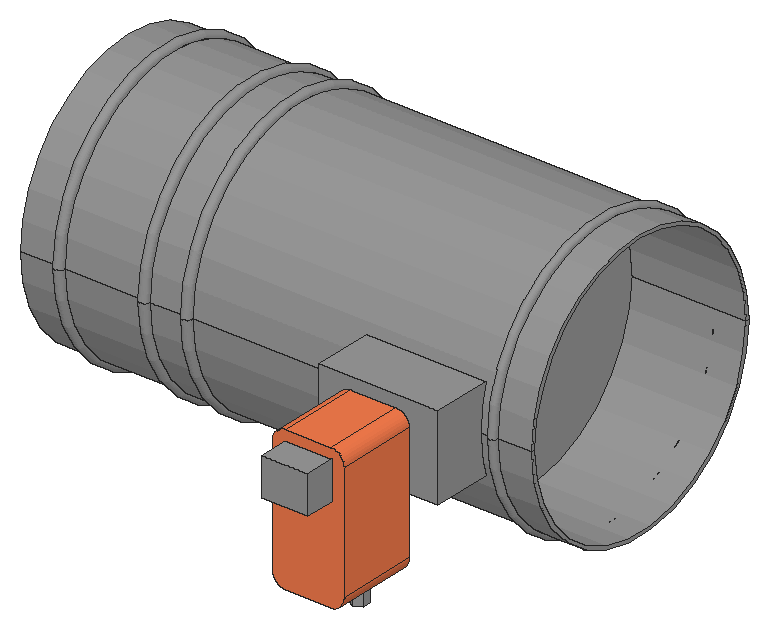
Revit family "ПЛ-10", category Оборудование, Revit 2021
Family settings
  Размер круглого соединителя = Использовать диаметр
  Классификация = Нет
  Тип детали = Нормальный
  На основе рабочей плоскости = Нет
  Всегда вертикально = Да
  При загрузке вырезать с полостями = Нет
  Общий = Нет
  Точка принадлежности помещению = Нет
Parameters (values of type "ПЛ-10-ПВП230Т-ДН160/ЕІ60")
  Отметка по умолчанию = 0 mm
  Вес = "3.5 кг"
  Voltage = 230 V
  Pressure_Static_Air [instance] = 0.0 L/s
  Power = 6.5 VA
  Number of Fase = 1
  Maximum Air Flow = 0.0 L/s
  Maintenance zone material = none
  Load Classification = "HVAC"
  L = 300 mm
  Grid Material = Cover Grid Cross
  R = D / 2  # 79.5 mm
  D2 = D - 4 mm  # 155 mm
  D1 = D + 1 mm  # 160 mm
  D = 159 mm
  B = 255 mm
  Air Flow [instance] = 0.0 L/s
  09_System_Name [instance] = ""
  00_20_Type = "ПЛ-10-ПВП230Т-ДН160/ЕІ60"
  00_20_Name = "Клапан протипожежний вогнезатримувальний"
  00_20_Manufacturer = "Вентс"  # constant formula
Types (23, lengths in mm): name | Вес | Maximum Air Flow | L | R | D2 | D1 | D | B | 00_20_Type
  (no name) | "3.5 кг" | 0.0 L/s | 300 | 79.5 | 155 | 160 | 159 | 255 | "ПЛ-10-ПВП230Т-ДН160/ЕІ60"
  ПЛ-10-ПВП230Т-ДН100/ЕІ60 | "2.9 кг" | 9000.0 L/s | 300 | 49.5 | 95 | 100 | 99 | 195 | "ПЛ-10-ПВП230Т-ДН100/ЕІ60"
  ПЛ-10-ПВП230Т-ДН400/ЕІ60 | "9.9 кг" | 0.0 L/s | 310 | 199.5 | 395 | 400 | 399 | 505 | "ПЛ-10-ПВП230Т-ДН400/ЕІ60"
  ПЛ-10-ПВП230Т-ДН100/ЕІ120 | "2.9 кг" | 0.0 L/s | 300 | 49.5 | 95 | 100 | 99 | 195 | "ПЛ-10-ПВП230Т-ДН100/ЕІ120"
  ПЛ-10-ПВП230Т-ДН400/ЕІ120 | "9.9 кг" | 0.0 L/s | 310 | 199.5 | 395 | 400 | 399 | 505 | "ПЛ-10-ПВП230Т-ДН400/ЕІ120"
  ПЛ-10-ПВП230Т-ДН125/ЕІ60 | "3.1 кг" | 0.0 L/s | 300 | 62 | 120 | 125 | 124 | 215 | "ПЛ-10-ПВП230Т-ДН125/ЕІ60"
  ПЛ-10-ПВП230Т-ДН125/ЕІ120 | "3.1 кг" | 0.0 L/s | 300 | 62 | 120 | 125 | 124 | 215 | "ПЛ-10-ПВП230Т-ДН125/ЕІ120"
  ПЛ-10-ПВП230Т-ДН150/ЕІ60 | "3.4 кг" | 0.0 L/s | 300 | 74.5 | 145 | 150 | 149 | 245 | "ПЛ-10-ПВП230Т-ДН150/ЕІ60"
  ПЛ-10-ПВП230Т-ДН150/ЕІ120 | "3.4 кг" | 0.0 L/s | 300 | 74.5 | 145 | 150 | 149 | 245 | "ПЛ-10-ПВП230Т-ДН150/ЕІ120"
  ПЛ-10-ПВП230Т-ДН160/ЕІ120 | "3.5 кг" | 0.0 L/s | 300 | 79.5 | 155 | 160 | 159 | 255 | "ПЛ-10-ПВП230Т-ДН160/ЕІ120"
  ПЛ-10-ПВП230Т-ДН180/ЕІ120 | "3.8 кг" | 0.0 L/s | 300 | 89.5 | 175 | 180 | 179 | 275 | "ПЛ-10-ПВП230Т-ДН180/ЕІ120"
  ПЛ-10-ПВП230Т-ДН160/ЕІ60 | "3.5 кг" | 0.0 L/s | 300 | 79.5 | 155 | 160 | 159 | 255 | "ПЛ-10-ПВП230Т-ДН160/ЕІ60"
  ПЛ-10-ПВП230Т-ДН180/ЕІ60 | "3.8 кг" | 0.0 L/s | 300 | 89.5 | 175 | 180 | 179 | 275 | "ПЛ-10-ПВП230Т-ДН180/ЕІ60"
  ПЛ-10-ПВП230Т-ДН200/ЕІ120 | "4 кг" | 0.0 L/s | 300 | 99.5 | 195 | 200 | 199 | 295 | "ПЛ-10-ПВП230Т-ДН200/ЕІ120"
  ПЛ-10-ПВП230Т-ДН200/ЕІ60 | "4 кг" | 0.0 L/s | 300 | 99.5 | 195 | 200 | 199 | 295 | "ПЛ-10-ПВП230Т-ДН200/ЕІ60"
  ПЛ-10-ПВП230Т-ДН225/ЕІ120 | "4.4 кг" | 0.0 L/s | 300 | 112 | 220 | 225 | 224 | 325 | "ПЛ-10-ПВП230Т-ДН225/ЕІ120"
  ПЛ-10-ПВП230Т-ДН225/ЕІ60 | "4.4 кг" | 0.0 L/s | 300 | 112 | 220 | 225 | 224 | 325 | "ПЛ-10-ПВП230Т-ДН225/ЕІ60"
  ПЛ-10-ПВП230Т-ДН250/ЕІ120 | "4.7 кг" | 0.0 L/s | 310 | 124.5 | 245 | 250 | 249 | 345 | "ПЛ-10-ПВП230Т-ДН250/ЕІ120"
  ПЛ-10-ПВП230Т-ДН250/ЕІ60 | "4.7 кг" | 0.0 L/s | 310 | 124.5 | 245 | 250 | 249 | 345 | "ПЛ-10-ПВП230Т-ДН250/ЕІ60"
  ПЛ-10-ПВП230Т-ДН315/ЕІ120 | "6.5 кг" | 0.0 L/s | 310 | 157 | 310 | 315 | 314 | 415 | "ПЛ-10-ПВП230Т-ДН315/ЕІ120"
  ПЛ-10-ПВП230Т-ДН315/ЕІ60 | "6.5 кг" | 0.0 L/s | 310 | 157 | 310 | 315 | 314 | 415 | "ПЛ-10-ПВП230Т-ДН315/ЕІ60"
  ПЛ-10-ПВП230Т-ДН355/ЕІ120 | "8.3 кг" | 0.0 L/s | 310 | 177 | 350 | 355 | 354 | 455 | "ПЛ-10-ПВП230Т-ДН355/ЕІ120"
  ПЛ-10-ПВП230Т-ДН355/ЕІ60 | "8.3 кг" | 0.0 L/s | 310 | 177 | 350 | 355 | 354 | 455 | "ПЛ-10-ПВП230Т-ДН355/ЕІ60"
Reference planes
  plane 1 "По центру (Вперед/Назад)": y = 0
  plane 2: z = 0
  plane 3 "По центру (Влево/Вправо)": x = 0
  plane 4: y = 79.5
Forms (mm)
  Revolve 1, solid, material "Сталь, гальванизированная"
    sketch origin (0, 0, 0) x (1, 0, 0) y (0, 1, 0)
      loop
        line (-150, 79.5) -> (-150, 77.5) -> (150, 77.5) -> (150, 79.5) -> (130, 79.5)
        arc (130, 79.5) -> (127.5, 82) -> (125, 79.5) r 2.5
        line (125, 79.5) -> (-49, 79.5)
        arc (-49, 79.5) -> (-52, 82.5) -> (-55, 79.5) r 3
        line (-55, 79.5) -> (-74, 79.5)
        arc (-74, 79.5) -> (-77, 82.5) -> (-80, 79.5) r 3
        line (-80, 79.5) -> (-124, 79.5)
        arc (-124, 79.5) -> (-127, 82.5) -> (-130, 79.5) r 3
        line (-130, 79.5) -> (-150, 79.5)
      axis (-150, 0) -> (150, 0)
    angle from 0 to 360
  Extrusion 2, solid, material "Сталь, гальванизированная"
    sketch origin (0, 0, 0) x (0, 1, 0) y (0, 0, 1)
      loop
        circle (0, 0) r 77.5
    from 81 to 83
  Extrusion 3, solid, material "Сталь, гальванизированная"
    sketch origin (0, 0, 0) x (0, 1, 0) y (0, 0, 1)
      loop
        line (-110.5, -24.813) -> (-75.528, -24.813)
        arc (-75.528, -24.813) -> (-79.5, 0) -> (-75.528, 24.813) r 79.5
        line (-75.528, 24.813) -> (-110.5, 24.813) -> (-110.5, -24.813)
    from 120 to 50
Dimensions and locks
  "R": plane 1 "По центру (Вперед/Назад)" to Revolve 1 sketch curve
  locked: Revolve 1 sketch curve to Revolve 1 sketch curve at 20  (x2)
  "L": Revolve 1 sketch curve to Revolve 1 sketch curve
  equal spacing: Revolve 1 sketch curve, plane 3 "По центру (Влево/Вправо)", Revolve 1 sketch curve
  locked: Extrusion 3 to Revolve 1 at 30
  nested 1 to plane 1 "По центру (Вперед/Назад)" = 110.5 mm
  locked: Extrusion 3 sketch curve to Extrusion 3 sketch curve at 49.627
  equal spacing: Extrusion 3 sketch curve, level, Extrusion 3 sketch curve
  "R": plane 1 "По центру (Вперед/Назад)" to plane 4
  locked: nested 1 to Revolve 1 at 68
  "B": nested 1 to plane 4
  nested 1 to Extrusion 3 sketch curve = 65 mm
  locked: Revolve 1 sketch curve to Revolve 1 sketch curve at 70
  locked: Revolve 1 sketch curve to Revolve 1 sketch curve at 95
  "D2": diameter of Extrusion 2 sketch curve
  "R": radius of Extrusion 3 sketch curve
  aligned and locked: level to plane 2
Automatic sketch dimensions
  plane 1 "По центру (Вперед/Назад)" to Revolve 1 sketch curve = 0 mm
  Revolve 1 sketch curve to Revolve 1 sketch curve = 3 mm  (x3)
  Revolve 1 sketch curve to Revolve 1 sketch curve = 5 mm
  Revolve 1 sketch curve to plane 4 = 2 mm
  Revolve 1 sketch curve to Revolve 1 sketch curve = 55 mm
  plane 3 "По центру (Влево/Вправо)" to Revolve 1 sketch curve = 60 mm
  Extrusion 2 sketch curve to level = 0 mm
  Extrusion 2 sketch curve to plane 1 "По центру (Вперед/Назад)" = 0 mm
  Extrusion 3 sketch curve to level = 0 mm
  Extrusion 3 sketch curve to plane 1 "По центру (Вперед/Назад)" = 0 mm
Nested families
  nested 1: "Семейство2" at (82, -110.5, 0.546), type "Клемная коробка"
Connectors
  hvac at (150, 0, 0), driven by "D1"
    settings: on Revolve 1, index 1, duct flow 0.0 L/s, flow factor 0, pres drop 0.0 Pa, loss coef 0, conn angle 0.00°, conn width 304.8 mm, conn height 304.8 mm, conn diameter 160 mm, duct sys type 3, conn prof type 0, flow config 0, flow direction 2, loss method 0, conn ref index -1, conn util no, is conn primary yes, conn desc ""
  hvac at (-150, 0, 0), driven by "D1"
    settings: on Revolve 1, index 2, duct flow 0.0 L/s, flow factor 0, pres drop 0.0 Pa, loss coef 0, conn angle 0.00°, conn width 304.8 mm, conn height 304.8 mm, conn diameter 160 mm, duct sys type 1, conn prof type 0, flow config 0, flow direction 1, loss method 0, conn ref index -1, conn util no, is conn primary no, conn desc ""
Definition of nested family "Семейство2"
  Parameters (values of type "Клемная коробка")
    Default Elevation = 0 mm
  Reference planes
    plane 1 "По центру (Вперед/Назад)": y = 0
    plane 2: z = 0
    plane 3 "По центру (Влево/Вправо)": x = 0
  Forms (mm)
    Extrusion 1, solid
      sketch origin (0, 0, -1.093) x (1, 0, 0) y (0, 0, 1)
        loop
          arc (-13.157, 18.273) -> (-18.739, 15.961) -> (-21.051, 10.379) r 7.894
          line (-21.051, 10.379) -> (-21.051, -58.037)
          arc (-21.051, -58.037) -> (-18.739, -63.619) -> (-13.157, -65.931) r 7.894
          line (-13.157, -65.931) -> (13.157, -65.931)
          arc (13.157, -65.931) -> (18.739, -63.619) -> (21.051, -58.037) r 7.894
          line (21.051, -58.037) -> (21.051, 10.379)
          arc (21.051, 10.379) -> (18.739, 15.961) -> (13.157, 18.273) r 7.894
          line (13.157, 18.273) -> (-13.157, 18.273)
      from 0 to 47.632
    Extrusion 2, solid
      sketch origin (0, 0, -18.205) x (1, 0, 0) y (0, 0, 1)
        loop
          line (13.587, 29.446) -> (-13.587, 29.446) -> (-13.587, 6.964) -> (13.587, 6.964) -> (13.587, 29.446)
      from 47.632 to 65
    Extrusion 3, solid
      sketch origin (0, 0, -18.205) x (1, 0, 0) y (0, 0, 1)
        loop
          circle (0, 18.269) r 5
      from -60 to 0
    Extrusion 4, solid
      sketch origin (0, -8.348, 0) x (1, 0, 0) y (0, 1, 0)
        loop
          line (-8.459, -7.539) -> (-12.788, -10.039) -> (-12.788, -15.039) -> (-8.459, -17.538) -> (-4.129, -15.039) -> (-4.129, -10.039) -> (-8.459, -7.539)
        loop
          line (8.459, -7.539) -> (4.129, -10.039) -> (4.129, -15.039) -> (8.459, -17.538) -> (12.788, -15.039) -> (12.788, -10.039) -> (8.459, -7.539)
      from -67.024 to -77.489
  Dimensions and locks
    aligned and locked: level to plane 2
